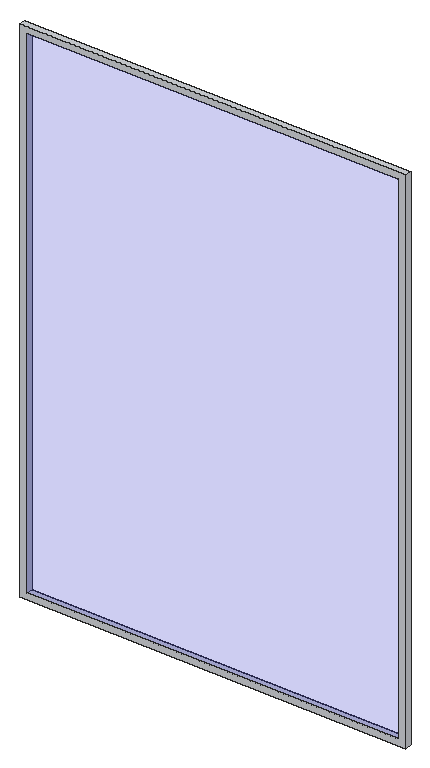
Revit family "АВЛН_Панель витража_окно", category Панели витража, Revit 2019
Family settings
  Номер OmniClass = 23.25.20.14.11.11.17
  Заголовок OmniClass = Infill Panels
  Всегда вертикально = Да
  При загрузке вырезать с полостями = Нет
  Общий = Нет
Parameters (values of type "Правая откидная")
  Рама_ширина = 50 mm
  Открывание_Левое = no
  ОТкрывание_Правое = yes
  ОТкрывание_Откидное = yes
  Материал рамы = none
  Материал остекления = none
Types (6, lengths in mm): name | Открывание_Левое | ОТкрывание_Правое | ОТкрывание_Откидное
  (no name) | no | yes | yes
  Откидная | no | no | yes
  Правая | no | yes | no
  Левая | yes | no | no
  Правая откидная | no | yes | yes
  Левая откидная | yes | no | yes
Reference planes
  plane 1 "По центру (Вперед/Назад)": y = 0
  plane 2: z = 0
  plane 3 "По центру (Влево/Вправо)": x = 0
  plane 4 "Слева": x = -1500
  plane 5 "Справа": x = 1500
  plane 6 "Верх": z = 4000
  plane 7: z = 3950
  plane 8: z = 50
  plane 9: x = -1450
  plane 10: x = 1450
  plane 11: z = 2000
Forms (mm)
  Extrusion 1, solid, material <- "Материал рамы"
    sketch origin (0, 0, 0) x (1, 0, 0) y (0, 0, 1)
      loop
        line (-1500, 4000) -> (-1500, 0) -> (1500, 0) -> (1500, 4000) -> (-1500, 4000)
      loop
        line (-1450, 3950) -> (-1450, 50) -> (1450, 50) -> (1450, 3950) -> (-1450, 3950)
    from 0 to -50
  Extrusion 2, solid, material <- "Материал остекления"
    sketch origin (0, 0, 0) x (1, 0, 0) y (0, 0, 1)
      loop
        line (-1450, 3950) -> (-1450, 50) -> (1450, 50) -> (1450, 3950) -> (-1450, 3950)
    from -50 to 0
Lines and regions (mm)
  model lines, style "УГО_Фасад_Изнутри", visible <- "ОТкрывание_Правое"
    curve 1: line (-1500, 50, 4000) -> (1500, 50, 2000)
    curve 2: line (1500, 50, 2000) -> (-1500, 50, 0)
  model lines, style "УГО_Фасад_Изнутри", visible <- "Открывание_Левое"
    curve 3: line (1500, 50, 4000) -> (-1500, 50, 2000)
    curve 4: line (-1500, 50, 2000) -> (1500, 50, 0)
  model lines, style "УГО_Фасад_Изнутри", visible <- "ОТкрывание_Откидное"
    curve 5: line (-1500, 50, 0) -> (0, 50, 4000)
    curve 6: line (0, 50, 4000) -> (1500, 50, 0)
  model lines, style "УГО_Фасад_Снаружи", visible <- "ОТкрывание_Правое"
    curve 7: line (-1500, 0, 4000) -> (1500, 0, 2000)
    curve 8: line (1500, 0, 2000) -> (-1500, 0, 0)
  model lines, style "УГО_Фасад_Снаружи", visible <- "Открывание_Левое"
    curve 9: line (1500, 0, 4000) -> (-1500, 0, 2000)
    curve 10: line (-1500, 0, 2000) -> (1500, 0, 0)
  model lines, style "УГО_Фасад_Снаружи", visible <- "ОТкрывание_Откидное"
    curve 11: line (-1500, 0, 0) -> (0, 0, 4000)
    curve 12: line (0, 0, 4000) -> (1500, 0, 0)
Text (mm)
  text "Наружный" at (-2453.84, 1416.179, 0), in view "Опорный уровень"
  text "Наружный" at (0, 2290.741, 4406.713), in view "Слева"
  text "Наружный" at (0, 1100.051, 4120.349), in view "Справа"
Dimensions and locks
  equal spacing: plane 4 "Слева", plane 3 "По центру (Влево/Вправо)", plane 5 "Справа"
  "Рама_ширина": plane 9 to plane 4 "Слева"
  "Рама_ширина": plane 10 to plane 5 "Справа"
  "Рама_ширина": plane 7 to plane 6 "Верх"
  "Рама_ширина": plane 2 to plane 8
  equal spacing: plane 6 "Верх", plane 11, plane 2
  aligned and locked: level to plane 2
  aligned and locked: Extrusion 2 sketch curve to Extrusion 1
  aligned and locked: Extrusion 1 to Extrusion 2  (x2)
  aligned and locked: Extrusion 1 to level
  aligned and locked: Extrusion 1 to plane 6 "Верх"
  aligned and locked: Extrusion 1 to plane 5 "Справа"
  aligned and locked: plane 4 "Слева" to Extrusion 1
  aligned and locked: Extrusion 2 to Extrusion 1
  aligned and locked: Extrusion 1 to plane 7
  aligned and locked: plane 10 to Extrusion 1
  aligned and locked: Extrusion 1 sketch curve to plane 8
  aligned and locked: plane 7 to Extrusion 1 sketch curve
  aligned and locked: plane 7 to Extrusion 2 sketch curve
  aligned and locked: Extrusion 2 sketch curve to plane 8
  aligned and locked: Extrusion 2 sketch curve to plane 10
  aligned and locked: plane 4 "Слева" to Extrusion 1 sketch curve
  aligned and locked: Extrusion 1 sketch curve to plane 9
  aligned and locked: Extrusion 1 sketch curve to plane 10
  aligned and locked: Extrusion 1 sketch curve to plane 5 "Справа"
  aligned and locked: Extrusion 1 sketch curve to plane 6 "Верх"
  aligned and locked: Extrusion 1 sketch curve to plane 2
  aligned and locked: plane 6 "Верх" to curve 9
  aligned and locked: plane 5 "Справа" to curve 9
  aligned and locked: plane 11 to curve 9
  aligned and locked: plane 6 "Верх" to curve 7
  aligned and locked: plane 4 "Слева" to curve 7
  aligned and locked: plane 6 "Верх" to curve 11
  aligned and locked: plane 3 "По центру (Влево/Вправо)" to curve 12
  aligned and locked: plane 5 "Справа" to curve 7
  aligned and locked: plane 11 to curve 8
  aligned and locked: plane 6 "Верх" to curve 1
  aligned and locked: plane 4 "Слева" to curve 1
  aligned and locked: plane 11 to curve 1
  aligned and locked: plane 5 "Справа" to curve 2
  aligned and locked: plane 4 "Слева" to curve 2
  aligned and locked: plane 2 to curve 2
  aligned and locked: plane 3 "По центру (Влево/Вправо)" to curve 5
  aligned and locked: plane 6 "Верх" to curve 6
  aligned and locked: plane 5 "Справа" to curve 6
  aligned and locked: plane 2 to curve 4
  aligned and locked: plane 4 "Слева" to curve 3
  aligned and locked: plane 11 to curve 3
  aligned and locked: plane 5 "Справа" to curve 3
  aligned and locked: plane 6 "Верх" to curve 3
Automatic sketch dimensions
  Extrusion 1 to curve 11 = 0 mm
  Extrusion 1 to curve 10 = 0 mm
  curve 10 to Extrusion 1 = 0 mm  (x2)
  curve 11 to Extrusion 1 = 0 mm
